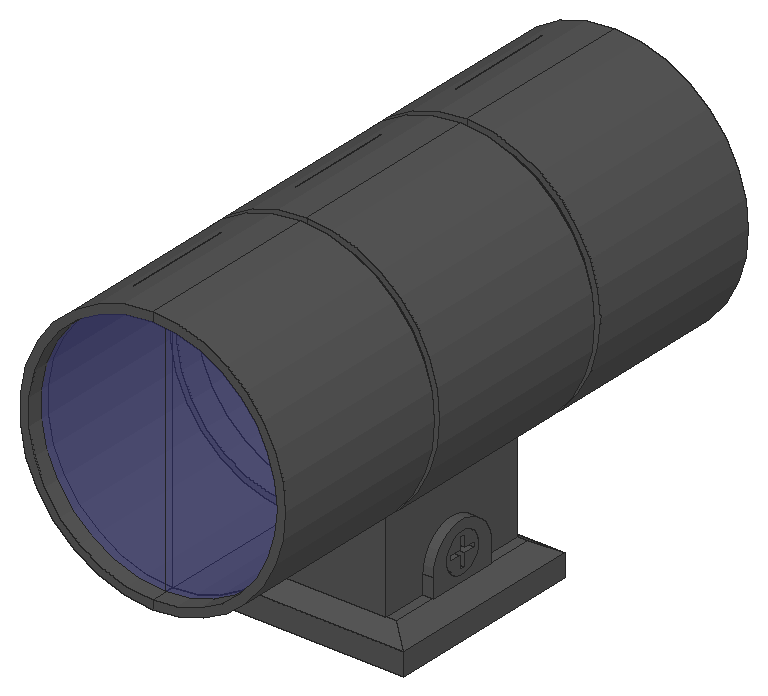
Revit family "CARLO CYLINDER LIGHT WALL MOUNT", category Lighting Fixtures, host Face, Revit 2020 (continued)
Types (10): name | Wattage_Input | Wattage Comments | Wattage | Photometric Web File | built-in parameter 1150142 | Model | built-in parameter 1150105 | Lumens | Light Length 1 | LIGHT RADIUS | LIGHT PLACEMENT | LIGHT LENGTH | LIGHT DIA | built-in parameter 1150106 | FIXED END HEIGHT | Curve base Height | Base Curve | BEAMING ANGLE | Apparent Load
    418 0.46539 \r\n 0.48999 0.51927 0.54938 0.57694 0.60414 0.63246 0.66076 0.68816 0.71537 0.74576 \r\n 0.7784 0.81337 0.85104 0.8924 0.93563 0.97882 1.0232 1.0677 1.1177 1.1815 \r\n 1.2491 1.3093 1.3739 1.4518 1.5405 1.6411 1.7525 1.8714 2.0061 2.1643 \r\n 2.3453 2.5516 2.7814 3.0279 3.309 3.6456 4.0217 4.4326 4.8643 5.2964 \r\n 5.7431 6.2168 6.7022 7.1867 7.6745 8.1633 8.66 9.176 9.6955 10.205 \r\n 10.709 11.21 11.705 12.192 12.681 13.188 13.702 14.195 14.741 15.406 \r\n 16.189 17.021 18.176 19.879 22.208 24.219 29.206 41.073 57.053 76.089 \r\n 96.955 117.55 139.43 165.29 189.61 206.03 219.79 234.36 248.61 264.03 \r\n 276.17 279.09 278.67 279.19 279.49 279.83 280.24 280.86 281.62 282.48 \r\n 283.51 284.75 286.27 288.18 290.34 292.56 294.98 297.77 300.7 303.46 \r\n 306.4 309.93 313.57 316.9 320.16 323.35 326.67 330.46 334.35 337.99 \r\n 341.78 345.97 350.74 356.19 362.77 370.75 380.77 393.35 409.13 428.63 \r\n 452.77 482.2 518.26 562.24 614.94 677.65 750.24 833.72 925.92 1021.3 \r\n 1130.9 1265.6 1421.3 1600.8 1794.3 1995.6 2196.4 2382.9 2564.7 2747 \r\n 2928.4 3116.7 3288.9 3420.4 3524.1 3605.3 3662.7 3692.4 3708 3723.3 \r\n 3733.6 \r\n3725 3724.6 3718.9 3708 3696.5 3690.4 3684 3677.9 3658.6 3611.2 \r\n 3540.5 3446.3 3328.1 3183.8 3018.9 2836.5 2642.4 2442.8 2240.3 2039.8 \r\n 1841.6 1643.6 1457.6 1294.6 1154.6 1048.2 954.9 851.88 756.84 682.69 \r\n 621.01 567.75 522.74 484.52 452.82 427.18 406.65 390.33 377.53 367.47 \r\n 359.53 352.85 347.38 342.86 339.04 335.61 332.49 329.44 326.52 323.72 \r\n 321.03 318.45 315.98 313.65 311.48 309.51 307.7 306.09 304.55 302.94 \r\n 301.26 299.49 297.62 295.62 293.48 291.19 288.7 285.93 283.03 280.19 \r\n 277.21 274.13 270.46 266.01 259.88 251.21 239.74 224.58 206.71 186.26 \r\n 164.85 144.11 124.15 105.98 88.507 69.929 53.465 42.275 34.735 30.99 \r\n 28.895 25.975 23.365 21.474 20.006 18.83 17.859 16.957 16.148 15.421 \r\n 14.748 14.102 13.467 12.806 12.15 11.519 10.913 10.358 9.8052 9.1941 \r\n 8.5862 8.0334 7.5025 6.973 6.4586 5.9648 5.4954 5.0589 4.6466 4.2453 \r\n 3.8773 3.569 3.2944 3.0314 2.7949 2.5967 2.424 2.2683 2.129 2.0035 \r\n 1.8893 1.7831 1.6856 1.5962 1.5155 1.4455 1.3814 1.3192 1.2587 1.1977 \r\n 1.1391 1.0863 1.0359 0.98473 0.93539 0.88988 0.84704 0.80662 0.76786 0.72984 \r\n 0.69278 0.65592 0.62138 0.59244 0.5649 0.53674 0.50811 0.47774 0.44791 0.42143 \r\n 0.39549 0.36779 0.33961 0.31097 0.2834 0.25959 0.23607 0.2094 0.18225 0.1557 \r\n 0.13101 0.11061 0.092001 0.072928 0.05514 0.040112 0.026416 0.011538 0.00022198 0 \r\n 0 0 0 0 0 0 0 0 0.0013775 0.0098862 \r\n 0.022727 0.039285 0.058766 0.08041 0.1035 0.12738 0.15113 0.17322 0.19485 0.21649 \r\n 0.23872 0.26274 0.28723 0.31069 0.33492 0.36191 0.38959 0.41655 0.44276 0.46673 \r\n 0.49146 0.52061 0.55075 0.57962 0.60827 0.63698 0.66584 0.69467 0.7245 0.75647 \r\n 0.7901 0.8249 0.86208 0.90332 0.94669 0.99046 1.0357 1.0813 1.1321 1.1956 \r\n 1.2628 1.323 1.3877 1.4654 1.5538 1.6537 1.764 1.8814 2.0141 2.1696 \r\n 2.3474 2.5501 2.7762 3.0199 3.2967 3.6234 3.99 4.398 4.8291 5.2611 \r\n 5.7073 6.1774 6.66 7.1474 7.6384 8.1247 8.62 9.1424 9.6715 10.192 \r\n 10.707 11.215 11.719 12.218 12.719 13.232 13.754 14.264 14.825 15.49 \r\n 16.271 17.115 18.266 19.949 22.171 24.017 28.476 38.778 53.287 72.165 \r\n 93.244 113.94 135.66 160.42 183.73 200.22 214.5 229.76 244.85 261.21 \r\n 274.18 277.5 277.28 277.92 278.3 278.77 279.31 280.07 280.97 282.03 \r\n 283.2 284.38 285.78 287.61 289.68 291.83 294.19 296.94 299.83 302.49 \r\n 305.38 309.06 312.89 316.34 319.7 323.09 326.6 330.5 334.49 338.27 \r\n 342.18 346.36 351.05 356.38 362.79 370.56 380.31 392.56 407.97 427.07 \r\n 450.69 479.31 514.39 557.26 608.76 670.01 741.53 825.21 918.07 1014.9 \r\n 1124.3 1252.5 1400.9 1577.2 1769.2 1970.4 2171.6 2357.9 2539.8 2723.5 \r\n 2906.7 3096.7 3271.2 3406.3 3514 3598.7 3659.1 3690.4 3706.9 3723 \r\n 3733.6 \r\n3725 3723.2 3716.6 3705.4 3694.2 3689.6 3683.2 3672.5 3646.6 3592.2 \r\n 3513.7 3411.2 3284.7 3131.1 2959.3 2776.2 2583.7 2384.8 2183 1982.1 \r\n 1784.1 1588.9 1407.3 1251.2 1117.9 1014.6 924.2 826.87 737.36 665.97 \r\n 606.12 554.82 511.68 475.48 445.7 421.69 402.55 387.39 375.53 366.12 \r\n 358.68 352.45 347.33 343.04 339.35 335.94 332.78 329.71 326.78 324 \r\n 321.36 318.89 316.54 314.26 312.1 310.13 308.3 306.64 305.04 303.42 \r\n 301.79 300.1 298.33 296.39 294.31 292.11 289.69 286.9 283.92 280.97 \r\n 277.87 274.93 270.82 264.04 255.4 245.46 233.42 218.57 201.18 180.54 \r\n 158.86 138.15 118.3 100.17 82.93 65.038 49.569 39.829 33.587 30.228 \r\n 28.215 25.47 22.998 21.208 19.811 18.678 17.734 16.857 16.065 15.344 \r\n 14.669 14.015 13.37 12.708 12.053 11.417 10.806 10.243 9.6854 9.0796 \r\n 8.4783 7.9253 7.3936 6.867 6.3575 5.8717 5.4088 4.9692 4.5552 4.1656 \r\n 3.8119 3.513 3.2463 2.9907 2.7609 2.5698 2.4027 2.2492 2.1107 1.986 \r\n 1.8725 1.7672 1.67 1.5787 1.4964 1.4285 1.3664 1.3017 1.2385 1.1778 \r\n 1.1204 1.0687 1.019 0.96751 0.91769 0.87201 0.82942 0.7902 0.75296 0.71635 \r\n 0.68061 0.6449 0.61114 0.58227 0.55443 0.52537 0.49586 0.46537 0.43555 0.40865 \r\n 0.38238 0.35495 0.32713 0.29841 0.27083 0.24782 0.22468 0.19623 0.16737 0.14137 \r\n 0.11795 0.098918 0.081231 0.060957 0.042572 0.030654 0.02097 0.0092341 0.00017628 0 \r\n 0 0 0 0 0 0 0 0.00122 0.0055767 0.016216 \r\n 0.030672 0.04741 0.066778 0.089185 0.1129 0.1364 0.15948 0.18109 0.20231 0.22366 \r\n 0.24583 0.27039 0.29534 0.31861 0.34214 0.36745 0.39382 0.42156 0.44913 0.47409 \r\n 0.49935 0.52776 0.55706 0.58689 0.61712 0.64738 0.67817 0.70984 0.74251 0.77654 \r\n 0.81155 0.84657 0.88373 0.92564 0.96992 1.0149 1.0611 1.1074 1.1581 1.2199 \r\n 1.2854 1.3468 1.4127 1.4892 1.5757 1.674 1.7828 1.8992 2.0297 2.179 \r\n 2.349 2.5436 2.7626 3.0041 3.2768 3.5889 3.94 4.3407 4.7673 5.1954 \r\n 5.6382 6.1028 6.5824 7.0746 7.5728 8.0642 8.5646 9.0913 9.6284 10.168 \r\n 10.704 11.22 11.732 12.252 12.774 13.295 13.826 14.358 14.941 15.613 \r\n 16.399 17.275 18.437 20.065 22.187 24.027 28.17 37.139 50.346 69.075 \r\n 90.238 110.77 131.89 154.73 176.57 194.22 210.3 226.74 242.5 258.41 \r\n 270.81 274.55 274.98 276.03 276.81 277.75 278.76 279.89 281.19 282.8 \r\n 284.45 285.74 287.09 288.86 290.83 292.84 295.05 297.67 300.41 302.81 \r\n 305.46 309 312.73 316.03 319.31 322.79 326.43 330.26 334.16 337.94 \r\n 341.85 345.98 350.58 355.78 362.02 369.58 379.05 390.89 405.77 424.26 \r\n 447.12 474.87 508.94 550.66 600.87 660.01 730.6 817.58 914.06 1012.4 \r\n 1119.8 1237.9 1375.5 1546.5 1735.9 1936.3 2138.8 2328.8 2515 2701.7 \r\n 2886.7 3075.1 3248.6 3387.7 3500.7 3589.4 3653.1 3686.9 3705 3721.9 \r\n 3733.6 \r\n3725 3721.8 3714.4 3703.3 3692.5 3688.9 3681.9 3665.4 3631.9 3570.5 \r\n 3484.8 3374.7 3240.4 3078 2899.6 2716.7 2526.5 2328.6 2127.6 1926.6 \r\n 1729.6 1538.4 1362.4 1212.9 1085.5 983.69 894.57 803.09 719.6 650.85 \r\n 592.6 543.05 501.59 467.31 439.36 416.87 399.02 384.91 373.86 365.02 \r\n 358 352.18 347.39 343.3 339.7 336.29 333.09 330 327.07 324.32 \r\n 321.75 319.42 317.21 314.99 312.86 310.89 309.03 307.29 305.62 303.98 \r\n 302.35 300.72 299 297.09 295.03 292.9 290.52 287.68 284.61 281.55 \r\n 278.3 275.49 270.91 261.76 250.51 239.11 226.36 211.92 195.25 174.82 \r\n 153.23 132.65 112.9 94.698 77.595 60.476 46.097 37.763 32.712 29.56 \r\n 27.477 24.915 22.629 20.937 19.6 18.502 17.58 16.729 15.957 15.244 \r\n 14.57 13.907 13.253 12.594 11.942 11.306 10.692 10.12 9.5554 8.9585 \r\n 8.3679 7.8152 7.2828 6.7608 6.2577 5.7802 5.3238 4.8818 4.467 4.0895 \r\n 3.7502 3.4592 3.1991 2.9515 2.7294 2.5447 2.3825 2.2304 2.092 1.9677 \r\n 1.8544 1.7497 1.6526 1.5594 1.4757 1.4094 1.3485 1.2813 1.2154 1.1553 \r\n 1.0993 1.0482 0.99895 0.94745 0.89749 0.85171 0.80944 0.7716 0.73609 0.70107 \r\n 0.66681 0.63235 0.59948 0.57082 0.5428 0.51272 0.48219 0.45163 0.42189 0.39446 \r\n 0.36778 0.34074 0.31342 0.28473 0.25717 0.23481 0.21193 0.18188 0.15153 0.12616 \r\n 0.104 0.086223 0.069315 0.047765 0.028726 0.019766 0.014129 0.006219 0.00011883 0 \r\n 0 0 0 0 0 0 0 0.0035943 0.010844 0.02389 \r\n 0.040086 0.056985 0.076135 0.099174 0.12339 0.14646 0.16885 0.18992 0.21073 0.23187 \r\n 0.2541 0.2792 0.30461 0.32764 0.35044 0.37407 0.39914 0.42758 0.45645 0.48258 \r\n 0.50852 0.53609 0.56434 0.59484 0.62648 0.65844 0.6914 0.72601 0.76161 0.79782 \r\n 0.83437 0.86986 0.90729 0.95006 0.99545 1.0418 1.0893 1.1363 1.187 1.2467 \r\n 1.3105 1.3736 1.4413 1.5167 1.6013 1.6983 1.806 1.9225 2.0516 2.1948 \r\n 2.3573 2.5438 2.7558 2.996 3.2655 3.5635 3.8995 4.2927 4.7146 5.1389 \r\n 5.5784 6.0377 6.5147 7.0128 7.5199 8.0192 8.5275 9.0585 9.6036 10.165 \r\n 10.723 11.25 11.772 12.316 12.864 13.396 13.938 14.499 15.112 15.799 \r\n 16.605 17.528 18.722 20.313 22.379 24.323 28.292 36.108 48.143 66.672 \r\n 87.804 108.05 128.48 149.25 169.57 188.56 206.64 224.21 240.45 255.44 \r\n 266.91 271.16 272.46 274.03 275.28 276.79 278.35 279.91 281.64 283.87 \r\n 286.05 287.52 288.89 290.63 292.5 294.38 296.43 298.9 301.45 303.59 \r\n 305.97 309.29 312.82 315.91 319.04 322.59 326.29 330.01 333.78 337.53 \r\n 341.41 345.5 350.02 355.12 361.22 368.61 377.85 389.33 403.74 421.64 \r\n 443.84 470.86 504.09 544.84 593.91 651.03 720.85 811.66 912.25 1012.1 \r\n 1117.5 1226 1353 1518.7 1705.3 1904.7 2108.3 2302.8 2493.9 2683.9 \r\n 2870.4 3056.4 3227.9 3370.6 3488.5 3580.7 3647.3 3683.4 3703.1 3720.7 \r\n 3733.6 \r\n3725 3720.4 3712.2 3701.5 3691.1 3687.9 3679.2 3656.1 3614.3 3545.9 \r\n 3453.3 3335.9 3194.3 3023.8 2839.3 2656.8 2469 2272.3 2072.3 1871.7 \r\n 1676.4 1490.8 1321.7 1178.9 1056.6 954.87 865.82 780.03 702.73 636.59 \r\n 579.87 532.02 492.19 459.76 433.58 412.53 395.88 382.71 372.38 364.02 \r\n 357.36 351.92 347.42 343.49 339.98 336.56 333.32 330.24 327.33 324.62 \r\n 322.13 319.94 317.87 315.73 313.64 311.68 309.79 307.95 306.18 304.5 \r\n 302.85 301.22 299.5 297.57 295.49 293.36 290.97 288.07 284.91 281.72 \r\n 278.33 275.6 270.56 259.2 245.49 232.53 218.97 204.9 189.01 169.04 \r\n 147.81 127.45 107.82 89.454 72.413 56.175 42.986 35.972 31.974 28.913 \r\n 26.674 24.302 22.233 20.641 19.358 18.294 17.392 16.568 15.819 15.117 \r\n 14.445 13.775 13.115 12.46 11.816 11.182 10.566 9.9857 9.4157 8.8299 \r\n 8.2524 7.7009 7.1682 6.6521 6.1565 5.6873 5.2374 4.7947 4.3806 4.0157 \r\n 3.6905 3.4064 3.1519 2.9127 2.6989 2.5202 2.362 2.2112 2.0728 1.9487 \r\n 1.8356 1.7314 1.6344 1.5401 1.4552 1.3899 1.3299 1.2605 1.1925 1.1331 \r\n 1.0784 1.0276 0.9785 0.92723 0.87746 0.83161 0.7896 0.75306 0.71922 0.68574 \r\n 0.65289 0.61958 0.5875 0.55914 0.53103 0.49998 0.46847 0.4379 0.40827 0.38028 \r\n 0.35315 0.32657 0.29986 0.27125 0.24373 0.22184 0.19912 0.16783 0.1364 0.11171 \r\n 0.090731 0.073983 0.057649 0.034933 0.015293 0.0088362 0.0068273 0.0029169 0.000057 0 \r\n 0 0 0 0 0 0 0.000046 0.0060303 0.016149 0.031463 \r\n 0.049271 0.06636 0.085303 0.10875 0.13325 0.15594 0.17776 0.19828 0.21869 0.23981 \r\n 0.26223 0.28784 0.31362 0.3364 0.35852 0.38069 0.40461 0.4336 0.46359 0.49095 \r\n 0.51766 0.5444 0.57155 0.60242 0.63514 0.66878 0.70392 0.74125 0.77954 0.81789 \r\n 0.85606 0.89234 0.93033 0.97406 1.0206 1.0685 1.1175 1.1654 1.2162 1.2738 \r\n 1.3359 1.4012 1.4713 1.5458 1.629 1.7253 1.8327 1.9501 2.0788 2.2175 \r\n 2.3736 2.5533 2.7596 2.9991 3.2664 3.5523 3.8754 4.2622 4.6801 5.1012 \r\n 5.538 5.9928 6.4682 6.9728 7.4896 7.9991 8.5172 9.0532 9.6064 10.189 \r\n 10.771 11.309 11.846 12.416 12.99 13.537 14.098 14.691 15.34 16.054 \r\n 16.89 17.876 19.121 20.699 22.753 24.876 28.784 35.666 46.695 64.942 \r\n 85.896 105.78 125.47 144.28 163.18 183.53 203.52 222 238.46 252.28 \r\n 262.65 267.55 269.92 272.06 273.82 275.9 278.02 280.02 282.19 285.02 \r\n 287.72 289.42 290.88 292.63 294.45 296.22 298.12 300.43 302.78 304.69 \r\n 306.81 309.87 313.16 315.99 318.95 322.51 326.25 329.83 333.44 337.13 \r\n 340.98 345.04 349.53 354.54 360.54 367.82 376.88 388.05 402.06 419.48 \r\n 441.13 467.62 500.24 540.23 588.41 643.78 713.01 807.5 912.01 1013.3 \r\n 1116.9 1217.3 1335.2 1496.2 1680.2 1878.5 2082.9 2281.7 2477.7 2670.7 \r\n 2858.5 3041.7 3210.8 3356.5 3478.6 3573.6 3642.4 3680.2 3701.2 3719.4 \r\n 3733.6 \r\n3725 3718.8 3709.9 3699.7 3689.7 3685.9 3674.5 3644.1 3593.7 3517.9 \r\n 3418.2 3293.9 3145.5 2967.6 2777.8 2595.5 2409.8 2214 2015.2 1815.7 \r\n 1623.1 1445.1 1284.3 1148.2 1030.4 927.7 837.74 757.22 685.95 622.46 \r\n 567.41 521.33 483.18 452.59 428.13 408.47 392.93 380.61 370.91 362.99 \r\n 356.65 351.53 347.28 343.5 340.05 336.63 333.38 330.33 327.48 324.83 \r\n 322.42 320.36 318.43 316.38 314.34 312.39 310.47 308.53 306.65 304.9 \r\n 303.19 301.48 299.69 297.68 295.52 293.32 290.85 287.87 284.61 281.29 \r\n 277.74 275.02 269.55 256.37 240.58 226.11 211.62 197.76 182.52 163.15 \r\n 142.48 122.41 102.9 84.319 67.294 52.066 40.173 34.35 31.238 28.212 \r\n 25.8 23.624 21.788 20.298 19.072 18.044 17.165 16.37 15.644 14.956 \r\n 14.29 13.617 12.952 12.305 11.671 11.042 10.428 9.841 9.2666 8.6929 \r\n 8.1292 7.5799 7.0481 6.5388 6.0514 5.5898 5.1463 4.7056 4.295 3.943 \r\n 3.6314 3.3532 3.1036 2.8733 2.6681 2.4948 2.34 2.1907 2.0528 1.9294 \r\n 1.8168 1.7132 1.6166 1.522 1.4369 1.3722 1.3125 1.2418 1.1726 1.114 \r\n 1.0605 1.0097 0.96032 0.90953 0.86028 0.81433 0.77237 0.73684 0.7043 0.67232 \r\n 0.64036 0.60786 0.57632 0.54823 0.52014 0.48834 0.45607 0.42553 0.396 0.36748 \r\n 0.33994 0.31387 0.2878 0.25934 0.23184 0.21018 0.18752 0.15556 0.12365 0.099703 \r\n 0.079725 0.063663 0.047634 0.024042 0.0039652 0 0 0 0 0 \r\n 0 0 0 0 0 0 0.0002348 0.0081092 0.020463 0.037496 \r\n 0.056528 0.073887 0.092743 0.11628 0.14078 0.16323 0.1847 0.20474 0.22481 0.24615 \r\n 0.26898 0.29499 0.32098 0.34351 0.36506 0.3862 0.40933 0.43862 0.46939 0.49791 \r\n 0.52544 0.55151 0.57768 0.60854 0.6419 0.67703 0.71413 0.7536 0.79405 0.83433 \r\n 0.87416 0.91155 0.95046 0.9951 1.0427 1.0923 1.1429 1.1921 1.2433 1.299 \r\n 1.3598 1.4275 1.5002 1.5746 1.6571 1.7538 1.862 1.9812 2.1109 2.2472 \r\n 2.3995 2.575 2.7776 3.0171 3.2833 3.5607 3.8747 4.2573 4.6727 5.0919 \r\n 5.5271 5.9791 6.4541 6.9653 7.4921 8.0133 8.5426 9.0846 9.6459 10.248 \r\n 10.851 11.405 11.959 12.555 13.156 13.725 14.308 14.939 15.63 16.38 \r\n 17.261 18.318 19.632 21.23 23.315 25.654 29.587 35.792 46.019 63.871 \r\n 84.472 103.9 122.9 140.1 157.88 179.4 200.96 219.96 236.32 248.9 \r\n 258.22 263.93 267.52 270.27 272.51 275.13 277.75 280.15 282.71 286.02 \r\n 289.17 291.16 292.79 294.6 296.39 298.11 299.91 302.05 304.21 305.95 \r\n 307.88 310.7 313.73 316.31 319.07 322.61 326.34 329.77 333.22 336.85 \r\n 340.68 344.73 349.22 354.2 360.12 367.34 376.29 387.24 400.97 418.04 \r\n 439.32 465.5 497.76 537.3 584.89 638.99 707.82 805.16 912.75 1015.1 \r\n 1117.6 1212.4 1324.1 1481.5 1663.3 1860.4 2065.3 2267.5 2467.4 2662.8 \r\n 2851.4 3032.3 3199.4 3347.1 3472.2 3568.9 3639 3677.9 3699.7 3718.4 \r\n 3733.6 \r\n3725 3715.8 3705.9 3696.4 3686.4 3679.3 3662.6 3625.2 3566.6 3481.7 \r\n 3373 3240.8 3085.8 2903 2709.6 2524.1 2336.4 2140.1 1942.3 1745.2 \r\n 1558.5 1394.6 1248.4 1120.4 1006.4 901.2 808.24 730.69 663.87 603.66 \r\n 551.62 508.29 472.64 444.27 421.71 403.52 389.12 377.59 368.46 361 \r\n 355.02 350.16 346.09 342.4 339.03 335.69 332.56 329.75 327.15 324.68 \r\n 322.4 320.4 318.53 316.64 314.77 312.9 310.99 308.96 306.93 305.06 \r\n 303.16 301.05 298.82 296.53 294.08 291.41 288.5 285.28 281.83 278.22 \r\n 274.38 271.42 265.79 252.76 236.93 221.52 205.92 191.21 175.48 156.42 \r\n 136.31 116.73 97.508 78.445 61.233 47.442 37.237 32.257 29.648 26.885 \r\n 24.625 22.676 21.046 19.699 18.578 17.632 16.813 16.056 15.356 14.692 \r\n 14.046 13.385 12.731 12.097 11.475 10.861 10.26 9.6792 9.1096 8.5433 \r\n 7.987 7.4428 6.9158 6.4125 5.931 5.4724 5.0336 4.6044 4.2074 3.8688 \r\n 3.5687 3.2961 3.0511 2.8299 2.6333 2.4638 2.3118 2.1668 2.0333 1.9136 \r\n 1.8041 1.7017 1.6067 1.5169 1.4361 1.3711 1.3107 1.243 1.1771 1.1198 \r\n 1.0662 1.0138 0.96309 0.91354 0.86565 0.81904 0.77578 0.73891 0.7051 0.6722 \r\n 0.6398 0.6059 0.57313 0.54483 0.51692 0.48576 0.45409 0.42358 0.39388 0.3651 \r\n 0.33747 0.31196 0.28649 0.25807 0.23038 0.20814 0.18535 0.15492 0.12481 0.10183 \r\n 0.082222 0.065434 0.048622 0.025498 0.0058442 0.0002485 0 0 0 0 \r\n 0 0 0 0 0 0 0 0.0059343 0.016008 0.031203 \r\n 0.049122 0.067237 0.08692 0.10925 0.13257 0.15577 0.17821 0.19789 0.21771 0.24035 \r\n 0.26445 0.29029 0.31573 0.33778 0.35918 0.38127 0.40526 0.43391 0.46395 0.493 \r\n 0.52123 0.5475 0.57357 0.60324 0.63542 0.67063 0.70785 0.74617 0.78574 0.82679 \r\n 0.86813 0.90761 0.94832 0.99298 1.0405 1.0915 1.144 1.1953 1.2483 
